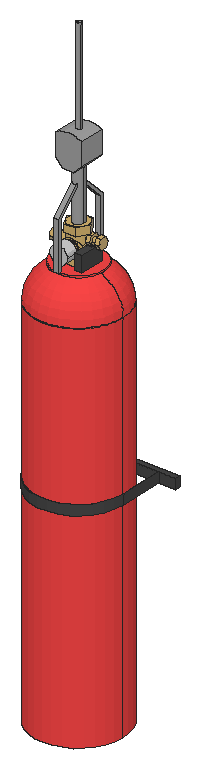
Revit family "Cilindros autonomos con pesaje continuo de 5 a 120l FK-5-1-12_Aguilera Extincion", category Equipos especializados, Revit 2019
Family settings
  Anfitrión = Suelo
  Cota de conector redondo = Radio de uso
  Tipo de pieza = Normal
  Número OmniClass = 23.65.20.14.24
  Título OmniClass = Other Gas Storage Vessels
  Siempre vertical = Sí
  Corte con vacíos al cargar = No
  Compartido = No
  Punto de cálculo de habitación = No
Parameters (values of type "Cilindro autónomo MH5112® (FK-5-1-12) - 120 l")
  URL = "https://aguilera.es/?productos=botellas-autonomas-de-14-a-345-l"
  Símbolo texto = yes
  Símbolo = yes
  Soporte = yes
  R3 = 21.9 mm
  R = Diámetro / 2  # 177.277 mm
  Modelo = "AEX/FK120"
  L1 = 536 mm
  Hd = 1700 mm
  H2 = 850 mm
  Fabricante = "Aguilera Extinción"  # constant formula
  Descripción = "Cilindro de alta presión, fabricado en acero aleado tratado térmicamente sin soldadura (según Directiva Europea 84/525/CEE). Marcado π Presión de trabajo de 42 y 50 bar, presión de pruebas 250 bar, temperatura de servicio de -20ºC a +50ºC, grabados y pintados en color rojo (RAL 3002).\r\nEquipado con:\r\n• Válvula de descarga. Marcada CE según RD: 769/1999. Incluye:\r\n• Solenoide de disparo. (Alimentación 24V y 500mA de consumo)\r\n• Válvula de sobrepresión y disco de seguridad.\r\n• Válvula de alivio.\r\n• Manómetro 42 bar con presostato. Certificado Vds\r\n• Actuador manual\r\n• Herrajes de fijación.\r\n• Brida y caperuza protectora de la válvula y sus accesorios."  # constant formula
  Diámetro = 354.555 mm
  H = 1780 mm
  Aux_R = R / 2  # 88.639 mm
Types (8, lengths in mm): name | R | Modelo | L1 | Hd | H2 | Diámetro | H | Aux_R
  (no name) | 177.277 | "AEX/FK120" | 536 | 1700 | 850 | 354.555 | 1780 | 88.639
  Cilindro autónomo MH5112® (FK-5-1-12) - 80 l | 133.5 | "AEX/FK080" | 402 | 1800 | 900 | 267 | 1880 | 66.75
  Cilindro autónomo MH5112® (FK-5-1-12) - 120 l | 177.277 | "AEX/FK120" | 536 | 1700 | 850 | 354.555 | 1780 | 88.639
  Cilindro autónomo MH5112® (FK-5-1-12) - 67 l | 133.5 | "AEX/FK067" | 402 | 1600 | 800 | 267 | 1680 | 66.75
  Cilindro autónomo MH5112® (FK-5-1-12) - 40,2 l | 114.5 | "AEX/FK040" | 364 | 1300 | 650 | 229 | 1380 | 57.25
  Cilindro autónomo MH5112® (FK-5-1-12) - 26,8 l | 146.623 | "AEX/FK026" | 364 | 1000 | 500 | 293.247 | 1080 | 73.312
  Cilindro autónomo MH5112® (FK-5-1-12) - 13,4 l | 70 | "AEX/FK013" | 274 | 1100 | 550 | 140 | 1180 | 35
  Cilindro autónomo MH5112® (FK-5-1-12) - 5 l | 70 | "AEX/FK005" | 274 | 500 | 250 | 140 | 580 | 35
Reference planes
  plane 1 "Centro (Frontal/Posterior)": y = 0
  plane 2: z = 0
  plane 3 "Centro (Izquierda/Derecha)": x = 0
  plane 4: y = 177.277
  plane 5: z = 850
  plane 6: z = 1495
  plane 7: z = 1633.58
  plane 8: z = 1700
  plane 9: z = 1780
  plane 10: x = -100
  plane 11: x = -177.277
  plane 12: x = 177.277
  plane 13: x = -177.277
  plane 14: x = 177.277
  plane 15: x = -40
Forms (mm)
  Extrusion 1, solid, material "Acero rojo", detail levels medium+fine
    sketch origin (0, 0, 0) x (1, 0, 0) y (0, 1, 0)
      loop
        circle (0, 0) r 177.277
    from 0 to 1495
  Extrusion 2, solid, material "Brass", detail levels medium+fine
    sketch origin (-745.59, -6000, 1633.58) x (-1, 0, 0) y (0, -1, 0)
      loop
        circle (-745.59, -6000) r 40
    from 0 to 146.42
  Extrusion 3, solid, material "Brass", detail levels medium+fine
    sketch origin (-70, 0, 0) x (0, -1, 0) y (0, 0, 1)
      loop
        circle (0, 1700) r 25
    from -117.506 to -12.56
  Revolve 4, solid, material "Acero rojo", detail levels medium+fine
    sketch origin (0, 0, 0) x (1, 0, 0) y (0, 0, 1)
      loop
        line (0, 1633.58) -> (-40, 1633.58)
        arc (-40, 1633.58) -> (-137.098, 1593.066) -> (-177.277, 1495.829) r 137.752
        line (-177.277, 1495.829) -> (-177.277, 1495) -> (0, 1495) -> (0, 1633.58)
      axis (0, 1633.58) -> (0, 1495)
    angle from 0 to 360
  Extrusion 5, solid, material "Acero negro", visible <- "Soporte", detail levels fine
    sketch origin (-745.59, -6000, 850) x (-1, 0, 0) y (0, -1, 0)
      loop
        line (-500.812, -6197.277) -> (-500.812, -6177.277) -> (-566.312, -6177.277) -> (-566.312, -6000)
        arc (-566.312, -6000) -> (-745.59, -5820.723) -> (-924.867, -6000) r 179.277
        line (-924.867, -6000) -> (-924.867, -6177.277) -> (-990.367, -6177.277) -> (-990.367, -6197.277) -> (-500.812, -6197.277)
      loop
        arc (-568.312, -6000) -> (-745.59, -5822.723) -> (-922.867, -6000) r 177.277
        line (-922.867, -6000) -> (-922.867, -6177.277) -> (-568.312, -6177.277) -> (-568.312, -6000)
    from 20 to -20
  Extrusion 6, solid, material "Acero rojo", detail levels fine
    sketch origin (-745.59, -6000, 1633.58) x (-1, 0, 0) y (0, -1, 0)
      loop
        circle (-745.59, -6000) r 100
    from 0 to 5.101
  Extrusion 7, solid, material "Brass", detail levels medium+fine
    sketch origin (-745.59, -6000, 1780) x (-1, 0, 0) y (0, -1, 0)
      loop
        line (-769.342, -6041.141) -> (-721.837, -6041.141) -> (-698.084, -6000) -> (-721.837, -5958.859) -> (-769.342, -5958.859) -> (-793.095, -6000) -> (-769.342, -6041.141)
    from 0 to -30.23
  Extrusion 8, solid, material "Brass", detail levels medium+fine
    sketch origin (0.001, -69.978, 0) x (1, 0.000332, 0) y (0, 0, 1)
      loop
        circle (0, 1700) r 35
    from -70 to -28.863
  Extrusion 9, solid, material "Brass", detail levels medium+fine
    sketch origin (-145, 0, 0) x (0, -1, 0) y (0, 0, 1)
      loop
        circle (0, 1700) r 20
      loop
        circle (0, 1700) r 15
    from -87.56 to -45
  Extrusion 10, solid, material "Brass", detail levels medium+fine
    sketch origin (0.001, -127.334, 0) x (1, 0.000332, 0) y (0, 0, 1)
      loop
        circle (0, 1700) r 30
    from -86.218 to -73.878
  Extrusion 11, solid, material "Plástico gris", detail levels medium+fine
    sketch origin (0.001, -157.335, 0) x (1, 0.000332, 0) y (0, 0, 1)
      loop
        circle (0, 1700) r 35
    from -103.928 to -58.906
  Extrusion 12, solid, material "Brass", detail levels fine
    sketch origin (-27.334, -0.23, 26.684) x (0.000332, -1, 0) y (0, 0, 1)
      loop
        circle (-0.222, 1705.463) r 15
    from -108.689 to -58.467
  Extrusion 13, solid, material "Brass", detail levels fine
    sketch origin (146.623, 655.396, 4006.684) x (0, 1, 0) y (0, 0, 1)
      loop
        line (-666.922, -2254.537) -> (-678.469, -2274.537) -> (-666.922, -2294.537) -> (-643.828, -2294.537) -> (-632.281, -2274.537) -> (-643.828, -2254.537) -> (-666.922, -2254.537)
    from -98.997 to -83.977
  Extrusion 14, solid, material "Brass", detail levels fine
    sketch origin (146.623, 655.396, 4006.684) x (0, 1, 0) y (0, 0, 1)
      loop
        line (-666.922, -2254.537) -> (-678.469, -2274.537) -> (-666.922, -2294.537) -> (-643.828, -2294.537) -> (-632.281, -2274.537) -> (-643.828, -2254.537) -> (-666.922, -2254.537)
    from -65.269 to -49.269
  Extrusion 15, solid, material "Acero negro", detail levels fine
    sketch origin (-100, 837.763, 4000) x (0, 1, 0) y (0, 0, 1)
      loop
        line (-820.012, -2283.976) -> (-917.735, -2283.976) -> (-917.735, -2343.976) -> (-820.012, -2343.976) -> (-820.012, -2283.976)
    from 147.506 to 176.533
  Extrusion 16, solid, material "Acero gris", detail levels fine
    sketch origin (0.458, 0, 109.909) x (0, -1, 0) y (0, 0, 1)
      loop
        line (-109.5, 1533.58) -> (-99.5, 1533.58) -> (-99.5, 1719.44) -> (0, 1818.94) -> (99.5, 1719.44) -> (99.5, 1533.58) -> (109.5, 1533.58) -> (109.5, 1723.598) -> (0, 1833.089) -> (-109.5, 1723.58) -> (-109.5, 1533.58)
    from -10 to 10
  Revolve 17, solid, material "Acero gris", detail levels fine
    sketch origin (0, 0, 109.909) x (1, 0, 0) y (0, 0, 1)
      loop
        line (-0.458, 1670.091) -> (-0.458, 1871.932) -> (-22.358, 1871.932) -> (-22.358, 1670.091) -> (-0.458, 1670.091)
      axis (0, 1670.091) -> (0, 1871.932)
    angle from 0 to 360
  Extrusion 18, solid, material "Acero gris", detail levels fine
    sketch origin (0.458, 0, 109.909) x (1, 0, 0) y (0, 0, 1)
      loop
        line (-22.358, 1871.932) -> (22.358, 1871.932) -> (50.643, 1900.216) -> (50.643, 1990.216)
        arc (50.643, 1990.216) -> (0, 2004.288) -> (-50.643, 1990.216) r 98.162
        line (-50.643, 1990.216) -> (-50.643, 1900.216) -> (-22.358, 1871.932)
    from -50 to 50
  Revolve 19, solid, material "Acero gris", detail levels fine
    sketch origin (0.458, 0, 109.909) x (1, 0, 0) y (0, 0, 1)
      loop
        line (0, 1932.562) -> (0, 2377.844) -> (-10, 2377.844) -> (-10, 1932.562) -> (0, 1932.562)
      axis (0, 1932.562) -> (0, 2377.844)
    angle from 0 to 360
  Extrusion 20, solid, material "Acero gris", not visible, detail levels fine
    sketch origin (0.458, 0, 110) x (0, -1, 0) y (0, 0, 1)
      loop
        line (-109.5, 1533.58) -> (-99.5, 1533.58) -> (-99.5, 1719.44) -> (0, 1818.94) -> (99.5, 1719.44) -> (99.5, 1533.58) -> (109.5, 1533.58) -> (109.5, 1723.598) -> (0, 1833.089) -> (-109.5, 1723.58) -> (-109.5, 1533.58)
    from -10 to 10
  Revolve 21, solid, material "Acero gris", not visible, detail levels fine
    sketch origin (0, 0, 110) x (1, 0, 0) y (0, 0, 1)
      loop
        line (-0.458, 1670.091) -> (-0.458, 1871.932) -> (-22.358, 1871.932) -> (-22.358, 1670.091) -> (-0.458, 1670.091)
      axis (0, 1670.091) -> (0, 1871.932)
    angle from 0 to 360
  Extrusion 22, solid, material "Acero gris", not visible, detail levels fine
    sketch origin (0.458, 0, 110) x (1, 0, 0) y (0, 0, 1)
      loop
        line (-22.358, 1871.932) -> (22.358, 1871.932) -> (50.643, 1900.216) -> (50.643, 1990.216)
        arc (50.643, 1990.216) -> (0, 2004.288) -> (-50.643, 1990.216) r 98.162
        line (-50.643, 1990.216) -> (-50.643, 1900.216) -> (-22.358, 1871.932)
    from -50 to 50
  Revolve 23, solid, material "Acero gris", not visible, detail levels fine
    sketch origin (0.458, 0, 110) x (1, 0, 0) y (0, 0, 1)
      loop
        line (0, 1932.562) -> (0, 2377.844) -> (-10, 2377.844) -> (-10, 1932.562) -> (0, 1932.562)
      axis (0, 1932.562) -> (0, 2377.844)
    angle from 0 to 360
Lines and regions (mm)
  symbolic lines, style "SpecialityEquipment"
    curve 1: line (0, 217.277, 0) -> (0, 177.277, 0)
    curve 2: line (-25, 197.277, 0) -> (25, 197.277, 0)
    curve 3: circle (0, 197.277, 0) r 15 normal (0, 0, 1)
Dimensions and locks
  "H2": plane 5 to plane 2
  "Hd": plane 8 to plane 2
  "H": plane 9 to plane 2
  locked: plane 10 to plane 3 "Centro (Izquierda/Derecha)" at 100
  equal spacing: plane 11, plane 3 "Centro (Izquierda/Derecha)", plane 12
  "Diámetro": plane 11 to plane 12
  locked: plane 8 to plane 7 at 66.42
  locked: plane 8 to plane 6 at 205
  "R": plane 1 "Centro (Frontal/Posterior)" to plane 4
  equal spacing: plane 13, plane 3 "Centro (Izquierda/Derecha)", plane 14
  "Diámetro": plane 13 to plane 14
  equal spacing: Extrusion 5 sketch curve, plane 3 "Centro (Izquierda/Derecha)", Extrusion 5 sketch curve
  "R": Revolve 4 sketch curve to Revolve 4 sketch curve
  locked: Revolve 4 sketch curve to Revolve 4 sketch curve at 0.829
  locked: Extrusion 16 sketch curve to Extrusion 16 sketch curve at 10  (x2)
  "R3": Revolve 17 sketch curve to Revolve 17 sketch curve
  locked: Extrusion 20 sketch curve to Extrusion 20 sketch curve at 10  (x2)
  "R3": Revolve 21 sketch curve to Revolve 21 sketch curve
  locked: Revolve 17 to plane 9 at 0
  "Diámetro": diameter of Extrusion 1 sketch curve
  aligned and locked: level to plane 2
  aligned and locked: plane 6 to Extrusion 1
  aligned and locked: plane 9 to Extrusion 2
  aligned and locked: Extrusion 2 to plane 7
  aligned and locked: Revolve 4 sketch curve to plane 3 "Centro (Izquierda/Derecha)"  (x2)
  aligned and locked: Extrusion 5 sketch curve to Extrusion 5 sketch curve  (x2)
  aligned and locked: Extrusion 5 sketch curve to plane 4
  aligned and locked: Extrusion 5 sketch curve to plane 14
  aligned and locked: Extrusion 5 sketch curve to plane 13
  aligned and locked: Revolve 4 sketch curve to plane 6
  aligned and locked: plane 15 to Extrusion 2
  aligned and locked: plane 15 to Revolve 4 sketch curve
  aligned and locked: Extrusion 9 to plane 10
  aligned and locked: Extrusion 15 to Extrusion 3
  aligned and locked: Revolve 17 to Extrusion 18 sketch curve
  aligned and locked: Revolve 21 to Extrusion 22 sketch curve
Automatic sketch dimensions
  curve 1 to plane 3 "Centro (Izquierda/Derecha)" = 0 mm
  curve 3 to plane 3 "Centro (Izquierda/Derecha)" = 0 mm
  curve 1 to plane 4 = 0 mm
  curve 1 to curve 3 = 20 mm
  curve 2 to plane 3 "Centro (Izquierda/Derecha)" = 25 mm
  plane 3 "Centro (Izquierda/Derecha)" to curve 2 = 25 mm
  plane 4 to curve 2 = 20 mm
  curve 3 to curve 1 = 20 mm
  plane 1 "Centro (Frontal/Posterior)" to Extrusion 2 sketch curve = 0 mm
  Extrusion 2 sketch curve to plane 3 "Centro (Izquierda/Derecha)" = 0 mm
  Extrusion 3 sketch curve to plane 1 "Centro (Frontal/Posterior)" = 0 mm
  Extrusion 3 sketch curve to plane 8 = 0 mm
  plane 1 "Centro (Frontal/Posterior)" to Extrusion 6 sketch curve = 0 mm
  Extrusion 6 sketch curve to plane 3 "Centro (Izquierda/Derecha)" = 0 mm
  plane 1 "Centro (Frontal/Posterior)" to Extrusion 7 sketch curve = 0 mm  (x2)
  plane 3 "Centro (Izquierda/Derecha)" to Extrusion 7 sketch curve = 47.506 mm
  plane 3 "Centro (Izquierda/Derecha)" to Extrusion 7 sketch curve = 23.753 mm  (x2)
  Extrusion 7 sketch curve to plane 3 "Centro (Izquierda/Derecha)" = 23.753 mm  (x2)
  Extrusion 7 sketch curve to Extrusion 7 sketch curve = 23.753 mm
  Extrusion 7 sketch curve to plane 1 "Centro (Frontal/Posterior)" = 41.141 mm
  plane 1 "Centro (Frontal/Posterior)" to Extrusion 7 sketch curve = 41.141 mm
  Extrusion 8 sketch curve to plane 8 = 0 mm
  Extrusion 9 sketch curve to Extrusion 9 sketch curve = 0 mm  (x2)
  Extrusion 9 sketch curve to plane 1 "Centro (Frontal/Posterior)" = 0 mm
  Extrusion 9 sketch curve to plane 8 = 0 mm
  Extrusion 10 sketch curve to plane 8 = 0 mm
  Extrusion 11 sketch curve to plane 8 = 0 mm
  plane 8 to Extrusion 12 sketch curve = 32.147 mm
  plane 1 "Centro (Frontal/Posterior)" to Extrusion 13 sketch curve = 23.073 mm
  plane 1 "Centro (Frontal/Posterior)" to Extrusion 13 sketch curve = 11.526 mm  (x2)
  Extrusion 13 sketch curve to plane 1 "Centro (Frontal/Posterior)" = 11.568 mm  (x2)
  Extrusion 13 sketch curve to Extrusion 13 sketch curve = 11.547 mm
  plane 8 to Extrusion 13 sketch curve = 12.147 mm
  Extrusion 13 sketch curve to Extrusion 13 sketch curve = 20 mm  (x3)
  plane 1 "Centro (Frontal/Posterior)" to Extrusion 14 sketch curve = 23.073 mm
  plane 1 "Centro (Frontal/Posterior)" to Extrusion 14 sketch curve = 11.526 mm  (x2)
  Extrusion 14 sketch curve to plane 1 "Centro (Frontal/Posterior)" = 11.568 mm  (x2)
  Extrusion 14 sketch curve to Extrusion 14 sketch curve = 11.547 mm
  plane 8 to Extrusion 14 sketch curve = 12.147 mm
  Extrusion 14 sketch curve to Extrusion 14 sketch curve = 20 mm  (x3)
  plane 8 to Extrusion 15 sketch curve = 16.024 mm
  plane 1 "Centro (Frontal/Posterior)" to Extrusion 15 sketch curve = 79.972 mm
  Extrusion 15 sketch curve to plane 1 "Centro (Frontal/Posterior)" = 17.752 mm
  plane 7 to Extrusion 15 sketch curve = 22.444 mm
  Revolve 17 sketch curve to Revolve 17 sketch curve = 201.841 mm
  Revolve 17 sketch curve to Revolve 17 sketch curve = 93.068 mm
  Extrusion 18 sketch curve to Extrusion 18 sketch curve = 28.284 mm  (x4)
  Extrusion 18 sketch curve to Extrusion 18 sketch curve = 34.194 mm
  Extrusion 18 sketch curve to Extrusion 18 sketch curve = 90 mm
  Revolve 19 sketch curve to Revolve 19 sketch curve = 445.282 mm
  Revolve 19 sketch curve to Revolve 19 sketch curve = 78.622 mm
  Revolve 19 sketch curve to Revolve 19 sketch curve = 16.097 mm
  Revolve 17 sketch curve to Revolve 17 sketch curve = 0.458 mm
  Revolve 17 sketch curve to Revolve 17 sketch curve = 10.091 mm
  Extrusion 18 sketch curve to Extrusion 18 sketch curve = 22.358 mm  (x2)
  Revolve 19 sketch curve to Revolve 19 sketch curve = 10 mm
  Revolve 19 sketch curve to Revolve 19 sketch curve = 0 mm
  Revolve 21 sketch curve to Revolve 21 sketch curve = 201.841 mm
  Revolve 21 sketch curve to Revolve 21 sketch curve = 93.068 mm
  Extrusion 22 sketch curve to Extrusion 22 sketch curve = 28.284 mm  (x4)
  Extrusion 22 sketch curve to Extrusion 22 sketch curve = 34.194 mm
  Extrusion 22 sketch curve to Extrusion 22 sketch curve = 90 mm
  Revolve 23 sketch curve to Revolve 23 sketch curve = 445.282 mm
  Revolve 23 sketch curve to Revolve 23 sketch curve = 78.622 mm
  Revolve 23 sketch curve to Revolve 23 sketch curve = 16.097 mm
  Revolve 21 sketch curve to Revolve 21 sketch curve = 0.458 mm
  Revolve 21 sketch curve to Revolve 21 sketch curve = 10.091 mm
  Extrusion 22 sketch curve to Extrusion 22 sketch curve = 22.358 mm  (x2)
  Revolve 23 sketch curve to Revolve 23 sketch curve = 10 mm
  Revolve 23 sketch curve to Revolve 23 sketch curve = 0 mm
  plane 1 "Centro (Frontal/Posterior)" to Extrusion 1 sketch curve = 0 mm
  Extrusion 1 sketch curve to plane 3 "Centro (Izquierda/Derecha)" = 0 mm
  Revolve 4 sketch curve to plane 7 = 0 mm
  plane 5 to Revolve 4 sketch curve = 8.628 mm
  Revolve 4 sketch curve to plane 8 = 6 mm
  Extrusion 5 sketch curve to Extrusion 5 sketch curve = 0 mm  (x2)
  plane 1 "Centro (Frontal/Posterior)" to Extrusion 5 sketch curve = 0 mm
  Extrusion 5 sketch curve to plane 14 = 2 mm
  Extrusion 5 sketch curve to Extrusion 5 sketch curve = 65.5 mm
  Extrusion 5 sketch curve to Extrusion 5 sketch curve = 20 mm
  Extrusion 16 sketch curve to Extrusion 16 sketch curve = 99.5 mm  (x2)
  Extrusion 16 sketch curve to Extrusion 16 sketch curve = 0 mm  (x2)
  Extrusion 16 sketch curve to Extrusion 16 sketch curve = 185.86 mm  (x2)
  Extrusion 16 sketch curve to Extrusion 16 sketch curve = 4.139 mm
  Extrusion 16 sketch curve to Extrusion 16 sketch curve = 4.157 mm
  Extrusion 20 sketch curve to Extrusion 20 sketch curve = 99.5 mm  (x2)
  Extrusion 20 sketch curve to Extrusion 20 sketch curve = 0 mm  (x2)
  Extrusion 20 sketch curve to Extrusion 20 sketch curve = 185.86 mm  (x2)
  Extrusion 20 sketch curve to Extrusion 20 sketch curve = 4.139 mm
  Extrusion 20 sketch curve to Extrusion 20 sketch curve = 4.157 mm
  radius of curve 3 = 15 mm
  radius of Extrusion 2 sketch curve = 40 mm
  radius of Extrusion 3 sketch curve = 25 mm
  radius of Extrusion 6 sketch curve = 100 mm
  radius of Extrusion 8 sketch curve = 35 mm
  radius of Extrusion 9 sketch curve = 20 mm
  radius of Extrusion 9 sketch curve = 15 mm
  radius of Extrusion 10 sketch curve = 30 mm
  radius of Extrusion 11 sketch curve = 35 mm
  radius of Extrusion 12 sketch curve = 15 mm
Nested families
  nested 1: "S_Cilindro_Aguilera Extinción" at (0, 0, 0), visible <- "Símbolo", type "S_Cilindro_Aguilera Extinción", detail levels coarse
Definition of nested family "S_Cilindro_Aguilera Extinción"
  Parameters (values of type "S_Cilindro_Aguilera Extinción")
    Texto símbolo = "Cilindros"
    Texto modelo = yes
    Modelo = "Cilindros"
  Reference planes
    plane 1: y = 0
    plane 2: x = 0
  Lines and regions (mm)
    detail lines
      curve 1: line (-1.703, -1.659, 0) -> (1.659, -1.659, 0)
      curve 2: line (-1.703, 1.659, 0) -> (-1.703, -1.659, 0)
      curve 3: line (1.659, 1.659, 0) -> (-1.703, 1.659, 0)
      curve 4: line (1.659, -1.659, 0) -> (1.659, 1.659, 0)
      curve 5: circle (0, 0, 0) r 1.659 normal (0, 0, 1)
  Text (mm)
    label "Texto símbolo" at (-0.164, 3.111, 0), shows "Texto símbolo"
    label "Modelo" at (-0.164, -2.652, 0), shows "Modelo", visible <- "Texto modelo"
